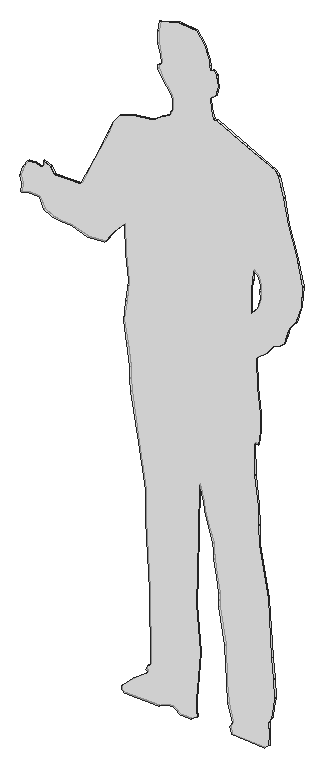
Revit family "Flat Man 15", category Entourage, Revit 2015
Parameters
  Flat Material [instance] = none
  Height = 0 mm
Reference planes
  plane 1 "Center (Front/Back)": y = 0
  plane 2: z = 0
  plane 3 "Center (Left/Right)": x = 0
Forms (mm)
  Extrusion 1, solid, material <- "Flat Material"
    sketch origin (0, 0, 0) x (1, 0, 0) y (0, 0, 1)
      loop
        line (147.153, 1176.005) -> (147.153, 1159.125) -> (147.153, 1125.377) -> (165.697, 1145.766) -> (174.771, 1174.476) -> (173.272, 1191.396) -> (174.771, 1208.226) -> (168.27, 1229.377) -> (153.29, 1241.986) -> (152.684, 1215.655) -> (147.153, 1192.885) -> (147.153, 1176.005)
      loop
        line (-445.508, 1307.317) -> (-466.598, 1315.637) -> (-466.598, 1312.566) -> (-466.598, 1309.497) -> (-467.55, 1303.607) -> (-472.741, 1297.227) -> (-490.436, 1302.787) -> (-512.637, 1300.296) -> (-527.94, 1277.266) -> (-537.188, 1251.197) -> (-530.477, 1231.626) -> (-534.118, 1211.295) -> (-532.586, 1209.765) -> (-531.051, 1208.226) -> (-507.366, 1214.045) -> (-478.877, 1214.366) -> (-465.98, 1187.587) -> (-438.994, 1174.476) -> (-411.704, 1171.327) -> (-380.683, 1171.407) -> (-335.35, 1157.876) -> (-285.546, 1162.196) -> (-258.566, 1199.555) -> (-227.249, 1229.716) -> (-224.82, 1154.086) -> (-214.97, 1085.477) -> (-223.002, 1028.617) -> (-230.309, 975.001) -> (-220.146, 916.894) -> (-211.895, 858.394) -> (-211.262, 828.917) -> (-208.819, 793.948) -> (-186.167, 667.787) -> (-165.862, 548.444) -> (-165.862, 508.55) -> (-165.862, 468.659) -> (-153.817, 285.796) -> (-150.522, 92.648) -> (-159.856, 85.238) -> (-165.862, 74.237) -> (-161.471, 72.471) -> (-159.725, 68.101) -> (-199.397, 39.105) -> (-236.452, 6.721) -> (-236.452, 0.585) -> (-236.452, -5.553) -> (-227.823, -10.955) -> (-125.975, -10.955) -> (-101.293, 1.657) -> (-82.82, 1.657) -> (-61.505, -10.955) -> (-30.703, -10.955) -> (-11.009, 1.657) -> (-15.494, 18.996) -> (-14.456, 45.556) -> (-12.428, 74.237) -> (-3.072, 174.882) -> (-15.494, 299.874) -> (-12.428, 376.594) -> (-6.291, 614.425) -> (-6.291, 619.025) -> (5.421, 575.858) -> (9.048, 554.582) -> (21.516, 516.067) -> (33.606, 477.862) -> (35.132, 456.386) -> (36.672, 434.901) -> (44.169, 394.181) -> (52.021, 352.044) -> (52.021, 333.632) -> (52.021, 315.221) -> (69.78, 219.928) -> (73.502, 121.886) -> (77.937, 69.823) -> (91.908, 23.684) -> (84.051, 9.274) -> (87.984, -10.848) -> (187.156, -10.848) -> (199.318, -0.865) -> (201.45, 29.366) -> (199.318, 60.508) -> (203.812, 67.956) -> (208.522, 75.854) -> (213.765, 104.773) -> (217.733, 131.089) -> (214.739, 179.633) -> (208.522, 235.431) -> (197.401, 387.906) -> (171.696, 523.894) -> (170.16, 572.993) -> (168.626, 622.098) -> (158.609, 701.484) -> (156.356, 784.739) -> (168.626, 784.739) -> (175.373, 822.598) -> (174.771, 867.595) -> (164.831, 936.023) -> (162.493, 1011.836) -> (190.255, 1032.895) -> (211.592, 1057.857) -> (230.317, 1067.025) -> (245.351, 1079.347) -> (253.015, 1102.357) -> (260.69, 1125.377) -> (269.814, 1136.287) -> (279.106, 1146.855) -> (295.231, 1193.557) -> (300.587, 1248.126) -> (281.04, 1326.245) -> (257.615, 1398.496) -> (244.189, 1466.037) -> (229.351, 1518.796) -> (218.658, 1530.705) -> (134.655, 1564.465) -> (45.884, 1601.035) -> (41.273, 1601.035) -> (36.672, 1601.035) -> (28.932, 1626.286) -> (27.463, 1653.195) -> (34.746, 1659.776) -> (42.809, 1665.477) -> (50.194, 1692.315) -> (48.043, 1706.515) -> (45.884, 1720.715) -> (38.831, 1730.567) -> (34.207, 1730.567) -> (27.463, 1726.855) -> (25.516, 1739.427) -> (24.403, 1754.476) -> (8.807, 1790.736) -> (-15.494, 1818.915) -> (-67.03, 1821.107) -> (-122.905, 1806.636) -> (-128.525, 1777.217) -> (-129.041, 1745.267) -> (-122.019, 1717.126) -> (-118.325, 1695.926) -> (-129.041, 1690.026) -> (-129.041, 1677.516) -> (-113.221, 1648.757) -> (-93.863, 1630.317) -> (-86.083, 1611.876) -> (-86.083, 1582.616) -> (-89.872, 1577.485) -> (-92.219, 1570.346) -> (-116.763, 1554.996) -> (-141.319, 1539.657) -> (-195.101, 1530.236) -> (-242.58, 1515.105) -> (-262.44, 1487.666) -> (-276.348, 1453.736) -> (-316.463, 1374.097) -> (-356.127, 1294.156) -> (-390.999, 1293.435) -> (-432.852, 1291.085) -> (-445.508, 1307.317)
    from -2.5 to 2.5
Lines and regions (mm)
  model lines
    curve 1: line (-150, 0, 0) -> (150, 0, 0)
    curve 2: line (0, -150, 0) -> (0, 150, 0)
Dimensions and locks
  aligned and locked: level to plane 2
